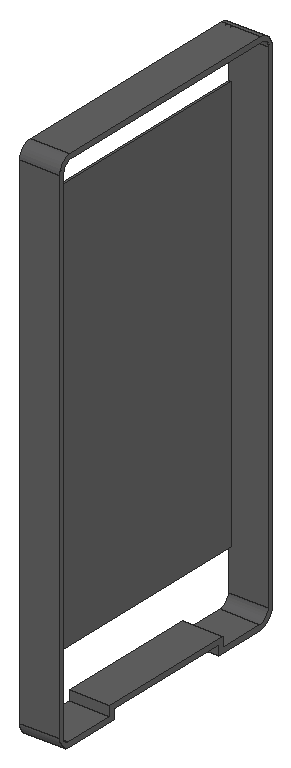
Revit family "1118-S", category Meble, Revit 2021
Family settings
  Numer OmniClass = 23.40.20.00
  Tytuł OmniClass = General Furniture and Specialties
  Oparty na płaszczyźnie roboczej = Nie
  Zawsze pionowo = Tak
  Tnij formami wycięć po wczytaniu = Nie
  Współdzielony = Nie
  Punkt obliczania pomieszczeń = Nie
Parameters (values of type "1118-S")
  metal = Mobilis Design RAL 9004
  Width = "6 cm"
  Weight = "15 kg"
  URL = ""
  Product line = "Centaurus"
  Product Groups = ""
  Manufacturer = ""
  Keynote = ""
  Description = ""
  Model = "1118-S"
  Material = ""
  Maintenance = ""
  Lenght = "40 cm"
  Type Comments = ""
  Mobilis Design Materials = ""
  Hosted on = ""
  Height = "80 cm"
  Domyślna rzędna = 0 mm
  Copyright = "All designs and drawings are the common intellectual property of Lars Laj A/S and Tress and are protected by Danish and international copyright laws."
Reference planes
  plane 1 "front": y = 0
  plane 2: z = 0
  plane 3 "Środek (Lewa/Prawa)": x = 0
Forms (mm)
  Extrusion 1, solid, material "Mobilis Design RAL 9004" <- "metal", not visible
    sketch origin (0, 0, 0) x (0, 1, 0) y (0, 0, 1)
      loop
        arc (71.187, 451.5) -> (57.045, 445.642) -> (51.187, 431.5) r 20
        line (51.187, 431.5) -> (51.187, 18.231)
        arc (51.187, 18.231) -> (56.527, 5.34) -> (69.418, 0) r 18.231
        line (69.418, 0) -> (153.638, 0) -> (153.638, 15) -> (448.638, 15) -> (448.638, 0) -> (527.023, 0)
        arc (527.023, 0) -> (542.307, 6.331) -> (548.638, 21.615) r 21.615
        line (548.638, 21.615) -> (548.638, 429.407)
        arc (548.638, 429.407) -> (542.168, 445.029) -> (526.545, 451.5) r 22.093
        line (526.545, 451.5) -> (71.187, 451.5)
    from 750.378 to 745
  Extrusion 2, solid, material "Mobilis Design RAL 9004" <- "metal", not visible
    sketch origin (0, 0, 0) x (0, 1, 0) y (0, 0, 1)
      loop
        line (548.638, 396.844) -> (629.375, 854.725) -> (601.836, 859.581)
        arc (601.836, 859.581) -> (585.224, 855.898) -> (576.082, 841.547) r 22.232
        line (576.082, 841.547) -> (507.306, 451.5) -> (526.545, 451.5)
        arc (526.545, 451.5) -> (542.168, 445.029) -> (548.638, 429.407) r 22.093
        line (548.638, 429.407) -> (548.638, 396.844)
    from 745 to 750.378
  Extrusion 3, solid, material "Kobenhagen Wood - Larch", not visible
    sketch origin (0, -896.088, 385.255) x (0, 1, 0) y (0, 0, 1)
      loop
        arc (244.222, 429.703) -> (240.686, 428.239) -> (239.222, 424.703) r 5
        line (239.222, 424.703) -> (239.222, 388.972)
        arc (239.222, 388.972) -> (239.796, 387.586) -> (241.182, 387.012) r 1.96
        line (241.182, 387.012) -> (327.222, 387.012)
        arc (327.222, 387.012) -> (328.636, 387.598) -> (329.222, 389.012) r 2
        line (329.222, 389.012) -> (329.222, 424.703)
        arc (329.222, 424.703) -> (327.757, 428.239) -> (324.222, 429.703) r 5
        line (324.222, 429.703) -> (244.222, 429.703)
    from -745.625 to 745.937
  Extrusion 4, solid, material "Kobenhagen Wood - Larch", not visible
    sketch origin (0, -998.538, 385.255) x (0, 1, 0) y (0, 0, 1)
      loop
        arc (252.671, 429.703) -> (249.136, 428.239) -> (247.671, 424.703) r 5
        line (247.671, 424.703) -> (247.671, 388.972)
        arc (247.671, 388.972) -> (248.245, 387.586) -> (249.631, 387.012) r 1.96
        line (249.631, 387.012) -> (335.671, 387.012)
        arc (335.671, 387.012) -> (337.085, 387.598) -> (337.671, 389.012) r 2
        line (337.671, 389.012) -> (337.671, 424.703)
        arc (337.671, 424.703) -> (336.207, 428.239) -> (332.671, 429.703) r 5
        line (332.671, 429.703) -> (252.671, 429.703)
    from -745.625 to 745.937
  Extrusion 5, solid, material "Kobenhagen Wood - Larch", not visible
    sketch origin (0, -1101.038, 385.255) x (0, 1, 0) y (0, 0, 1)
      loop
        arc (275.801, 429.704) -> (261.616, 423.828) -> (255.74, 409.642) r 20.061
        line (255.74, 409.642) -> (258.916, 409.642) -> (258.916, 387.013) -> (344.172, 387.013)
        arc (344.172, 387.013) -> (345.585, 387.598) -> (346.171, 389.012) r 1.999
        line (346.171, 389.012) -> (346.171, 424.706)
        arc (346.171, 424.706) -> (344.707, 428.24) -> (341.173, 429.704) r 4.998
        line (341.173, 429.704) -> (275.801, 429.704)
    from -745.625 to 745.937
  Extrusion 6, solid, material "Mobilis Design RAL 9004" <- "metal", not visible
    sketch origin (0, -896.058, 363.795) x (0, 1, 0) y (0, 0, 1)
      loop
        line (53.936, 431.102) -> (51.187, 431.102) -> (51.187, 407.787) -> (53.936, 407.787) -> (53.936, 431.102)
    from -745.625 to 745.937
  Extrusion 7, solid, material "Kobenhagen Wood - Larch", not visible
    sketch origin (0, 162.946, 385.255) x (0, -1, 0) y (0, 0, -1)
      loop
        line (275.801, -429.704) -> (342.815, -429.704)
        arc (342.815, -429.704) -> (346.349, -428.24) -> (347.813, -424.706) r 4.998
        line (347.813, -424.706) -> (347.813, -389.012)
        arc (347.813, -389.012) -> (347.227, -387.598) -> (345.813, -387.013) r 1.999
        line (345.813, -387.013) -> (258.705, -387.013) -> (258.705, -409.642) -> (255.74, -409.642)
        arc (255.74, -409.642) -> (261.616, -423.828) -> (275.801, -429.704) r 20.061
    from -745.625 to 745.938
  Extrusion 8, solid, material "Mobilis Design RAL 9004" <- "metal", not visible
    sketch origin (0, -41.823, 363.795) x (0, -1, 0) y (0, 0, -1)
      loop
        line (53.936, -431.102) -> (53.936, -407.787) -> (51.187, -407.787) -> (51.187, -431.102) -> (53.936, -431.102)
    from -745.625 to 745.938
  Extrusion 9, solid, material "Kobenhagen Wood - Larch", not visible
    sketch origin (0, -707.338, 385.255) x (0, 1, 0) y (0, 0, 1)
      loop
        arc (244.222, 429.703) -> (240.686, 428.239) -> (239.222, 424.703) r 5
        line (239.222, 424.703) -> (239.222, 388.972)
        arc (239.222, 388.972) -> (239.796, 387.586) -> (241.182, 387.012) r 1.96
        line (241.182, 387.012) -> (327.222, 387.012)
        arc (327.222, 387.012) -> (328.636, 387.598) -> (329.222, 389.012) r 2
        line (329.222, 389.012) -> (329.222, 424.703)
        arc (329.222, 424.703) -> (327.757, 428.239) -> (324.222, 429.703) r 5
        line (324.222, 429.703) -> (244.222, 429.703)
    from -745.625 to 745.937
  Extrusion 10, solid, material "Kobenhagen Wood - Larch", not visible
    sketch origin (0, -809.788, 385.255) x (0, 1, 0) y (0, 0, 1)
      loop
        arc (252.671, 429.703) -> (249.136, 428.239) -> (247.671, 424.703) r 5
        line (247.671, 424.703) -> (247.671, 388.972)
        arc (247.671, 388.972) -> (248.245, 387.586) -> (249.631, 387.012) r 1.96
        line (249.631, 387.012) -> (335.671, 387.012)
        arc (335.671, 387.012) -> (337.085, 387.598) -> (337.671, 389.012) r 2
        line (337.671, 389.012) -> (337.671, 424.703)
        arc (337.671, 424.703) -> (336.207, 428.239) -> (332.671, 429.703) r 5
        line (332.671, 429.703) -> (252.671, 429.703)
    from -745.625 to 745.937
  Extrusion 11, solid, material "Kobenhagen Wood - Larch", not visible
    sketch origin (0, -519.338, 385.255) x (0, 1, 0) y (0, 0, 1)
      loop
        arc (244.222, 429.703) -> (240.686, 428.239) -> (239.222, 424.703) r 5
        line (239.222, 424.703) -> (239.222, 388.972)
        arc (239.222, 388.972) -> (239.796, 387.586) -> (241.182, 387.012) r 1.96
        line (241.182, 387.012) -> (327.222, 387.012)
        arc (327.222, 387.012) -> (328.636, 387.598) -> (329.222, 389.012) r 2
        line (329.222, 389.012) -> (329.222, 424.703)
        arc (329.222, 424.703) -> (327.757, 428.239) -> (324.222, 429.703) r 5
        line (324.222, 429.703) -> (244.222, 429.703)
    from -745.625 to 745.937
  Extrusion 12, solid, material "Kobenhagen Wood - Larch", not visible
    sketch origin (0, -621.788, 385.255) x (0, 1, 0) y (0, 0, 1)
      loop
        arc (252.671, 429.703) -> (249.136, 428.239) -> (247.671, 424.703) r 5
        line (247.671, 424.703) -> (247.671, 388.972)
        arc (247.671, 388.972) -> (248.245, 387.586) -> (249.631, 387.012) r 1.96
        line (249.631, 387.012) -> (335.671, 387.012)
        arc (335.671, 387.012) -> (337.085, 387.598) -> (337.671, 389.012) r 2
        line (337.671, 389.012) -> (337.671, 424.703)
        arc (337.671, 424.703) -> (336.207, 428.239) -> (332.671, 429.703) r 5
        line (332.671, 429.703) -> (252.671, 429.703)
    from -745.625 to 745.937
  Extrusion 13, solid, material "Mobilis Design RAL 9004" <- "metal"
    sketch origin (870, -242.698, 0) x (0, -1, 0) y (0, 0, 1)
      loop
        line (-57.017, 714) -> (-444.687, 714) -> (-444.687, 86) -> (-57.017, 86) -> (-57.017, 714)
    from 890.131 to 893.125
  Extrusion 14, solid, material "Mobilis Design RAL 9004" <- "metal"
    sketch origin (870, -242.698, 0) x (0, 1, 0) y (0, 0, 1)
      loop
        line (450.826, 23.296) -> (450.826, 779.812)
        arc (450.826, 779.812) -> (444.968, 793.955) -> (430.826, 799.812) r 20
        line (430.826, 799.812) -> (71.187, 799.812)
        arc (71.187, 799.812) -> (57.045, 793.955) -> (51.187, 779.812) r 20
        line (51.187, 779.812) -> (51.187, 18.763)
        arc (51.187, 18.763) -> (56.683, 5.495) -> (69.95, 0) r 18.763
        line (69.95, 0) -> (153.638, 0) -> (153.638, 15) -> (350.826, 15) -> (350.826, 0) -> (427.53, 0)
        arc (427.53, 0) -> (444.003, 6.823) -> (450.826, 23.296) r 23.296
      loop
        arc (73.645, 793.812) -> (61.887, 788.942) -> (57.017, 777.184) r 16.628
        line (57.017, 777.184) -> (57.017, 18.763)
        arc (57.017, 18.763) -> (60.315, 10.799) -> (68.279, 7.5) r 11.263
        line (68.279, 7.5) -> (146.138, 7.5) -> (146.138, 22.5) -> (358.326, 22.5) -> (358.326, 7.5) -> (428.891, 7.5)
        arc (428.891, 7.5) -> (440.06, 12.127) -> (444.687, 23.296) r 15.796
        line (444.687, 23.296) -> (444.687, 780.419)
        arc (444.687, 780.419) -> (440.764, 789.89) -> (431.293, 793.812) r 13.394
        line (431.293, 793.812) -> (73.645, 793.812)
    from -893.125 to -833.125
Lines and regions (mm)
  model lines, style "9"
    curve 1: line (264.233, -290.938, 0) -> (264.233, -284.938, 0)
    curve 2: line (264.233, -590.938, 0) -> (264.233, -596.938, 0)
    curve 3: line (-304.767, -91.171, 0) -> (-304.767, -85.171, 0)
    curve 4: line (-304.767, -391.171, 0) -> (-304.767, -397.171, 0)
    curve 5: line (-281.767, -91.171, 0) -> (-281.767, -85.171, 0)
    curve 6: line (-281.767, -391.171, 0) -> (-281.767, -397.171, 0)
    curve 7: line (0, -437.181, 21) -> (0, -430.948, 21)
    curve 8: line (0, -437.181, 21) -> (0, -443.181, 21)
    curve 9: line (0, -386.315, 21.088) -> (0, -380.315, 21.088)
    curve 10: line (0, -744.867, 21.088) -> (0, -750.867, 21.088)
    curve 11: line (0, 8.318, 21) -> (0, 14.318, 21)
Dimensions and locks
  Extrusion 3 sketch curve to Extrusion 3 sketch curve = 90 mm
  Extrusion 3 sketch curve to Extrusion 3 sketch curve = 42.691 mm
  Extrusion 4 sketch curve to Extrusion 4 sketch curve = 90 mm
  Extrusion 4 sketch curve to Extrusion 4 sketch curve = 42.691 mm
  Extrusion 5 sketch curve to Extrusion 5 sketch curve = 42.691 mm
  Extrusion 7 sketch curve to Extrusion 7 sketch curve = 42.691 mm
  Extrusion 9 sketch curve to Extrusion 9 sketch curve = 90 mm
  Extrusion 9 sketch curve to Extrusion 9 sketch curve = 42.691 mm
  Extrusion 10 sketch curve to Extrusion 10 sketch curve = 90 mm
  Extrusion 10 sketch curve to Extrusion 10 sketch curve = 42.691 mm
  Extrusion 11 sketch curve to Extrusion 11 sketch curve = 90 mm
  Extrusion 11 sketch curve to Extrusion 11 sketch curve = 42.691 mm
  Extrusion 12 sketch curve to Extrusion 12 sketch curve = 90 mm
  Extrusion 12 sketch curve to Extrusion 12 sketch curve = 42.691 mm
  Extrusion 14 sketch curve to Extrusion 13 = 393.809 mm
  aligned and locked: level to plane 2
